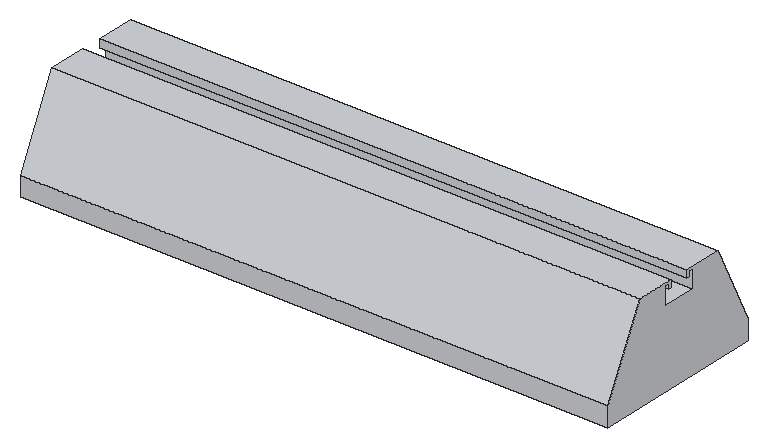
Revit family "MP600450", category Generic Models, Revit 2020
Family settings
  Can host rebar = No
  Round Connector Dimension = Use Diameter
  Part Type = Normal
  Work Plane-Based = Yes
  Always vertical = No
  Cut with Voids When Loaded = No
  Shared = No
  Room Calculation Point = No
Parameters (values of type "NBS Standard Parameters")
  Weight = "5.65"
  WarrantyStartDate [instance] = "1900-12-31T23:59:59"
  WarrantyGuarantorParts = "12 months"
  WarrantyGuarantorLabor = "n/a"
  WarrantyDurationUnit = "12 months"
  WarrantyDurationParts = "n/a"
  WarrantyDurationLabor = "n/a"
  WarrantyDescription = "n/a"
  Version = "1"
  Uniclass2 = "Pr_65_70_11_19"
  URL = "www.metpro.co.uk"
  TagNumber [instance] = "n/a"
  SustainabilityPerformance = ""
  Size = "600mm"
  Shape = "Rectangular"
  SerialNumber [instance] = "n/a"
  Revision = "n/a"
  ReplacementCost = "n/a"
  ProductInformation = "www.metpro.co.uk/pdf/MP600450.pdf"
  NominalWidth = 600 mm
  NominalLength = 180 mm
  NominalHeight = 95 mm
  Name = "MP600450 - ECO FRIENDLY STANDARD FOOT"
  NBSTypeID = ""
  NBSReference = "90-55-10/305"
  NBSOfficeMasterTag = ""
  NBSNote = ""
  NBSDescription = "Channel cable supports"
  NBSCertification = ""
  ModelReference = "Channel cable supports"
  ModelNumber = "MP600450"
  Material = "Foot - SBR Recycled Rubber / Channel - pre galv 41x21"
  ManufacturerURL = "www.metpro.co.uk"
  ManufacturerName = "Metpro ltd"
  Manufacturer = "Metpro Ltd"
  Keynote = "Compliant to LU standard 1-085"
  InstallationDate [instance] = "1900-12-31T23:59:59"
  IfcExportType = ""
  IfcExportAs = ""
  Grade = "n/a"
  Finish = "Foot - Black / Channel - pre galv"
  Features = "SWL 450 per foot, suitable for both internal & external application (temp between -40 to +80 deg C)"
  ExpectedLife = "n/a"
  DurationUnit = "1 year"
  Description = "MP600450 - Eco friendly standard foot"
  Default Elevation = 1219.2 mm
  Constituents = "n/a"
  Color = "Black"
  CodePerformance = "n/a"
  Category = "n/a"
  BarCode [instance] = "n/a"
  BIMObjectName = "Metpro_metprolibrary_channelcablesupports_channelbracket"
  Author = "Metpro"
  AssetType = "Fixed"
  AssetIdentifier [instance] = "n/a"
  AccessibilityPerformance = "n/a"
Reference planes
  plane 1 "Center (Front/Back)": y = 0
  plane 2: z = -49.367
  plane 3 "Center (Left/Right)": x = 0
Forms (mm)
  Extrusion 1, solid
    sketch origin (-3.322, 99.234, -24.021) x (0, 0, 1) y (0, 1, 0)
      loop
        line (12.649, 31.337) -> (12.649, -148.663) -> (32.649, -148.663) -> (112.84, -107.804) -> (112.84, -68.304) -> (105.34, -68.304) -> (105.34, -70.804) -> (110.34, -70.804) -> (110.34, -75.754) -> (91.84, -75.754) -> (91.84, -39.799) -> (110.34, -39.799) -> (110.34, -44.749) -> (105.34, -44.749) -> (105.34, -47.274) -> (112.84, -47.274) -> (112.84, -7.774) -> (32.649, 31.337) -> (12.649, 31.337)
    from 0 to 600
Dimensions and locks
  aligned and locked: level to plane 2
